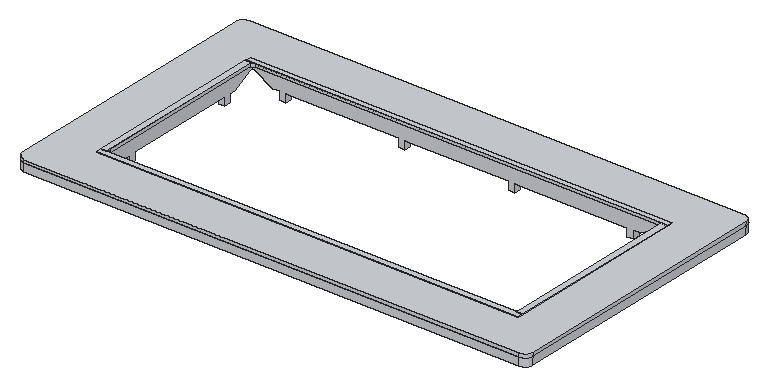
Revit family "Gira_1002255", category Electrical Fixtures, host Face, Revit 2017
Family settings
  Host = Face
  Maintain Annotation Orientation = No
  Round Connector Dimension = Use Diameter
  Part Type = Normal
  Cut with Voids When Loaded = No
  Shared = No
  Room Calculation Point = No
Parameters (values of type "Abdeckrahmen 2f o.M. flach Gira E2 F Alu")
  Werkstoffgüte = "Thermoplast"
  Werkstoff = "Kunststoff"
  URL = "http://katalog.gira.de/de_DE/datenblatt.html?artikelnr=1002255"
  Transparent = "No"
  Textfeld/Beschriftungsfläche = "No"
  Schutzart (IP) = "IP20"
  Region = "DE"
  Oberfläche = "sonstige"
  Name = "Abdeckrahmen 2f o.M. flach Gira E2 F Alu"
  Montagerichtung = "horizontal und vertikal"
  Mit Montagerahmen = "No"
  Mit Klappdeckel = "No"
  Manufacturer URL = "https://www.gira.de/"
  Keynote = "E2flach_Rahmen_2fach o.Mittelsteg"
  HeinzeBIM = "https://bimportal.heinze.de/bim/abdeckrahmen-2f-o-m-flach-gira-e2-f-alu/7ddeb6cf50e2b2649ffe1025d69d0527d1dc6083"
  Halogenfrei = "Yes"
  HAN = "1002255"
  Geeignet für Unterputz-Installation = "Yes"
  Geeignet für Unterflurkanaldose = "No"
  Geeignet für Geräteeinbaukanal = "No"
  Geeignet für Einbauinstallation = "No"
  GTIN = "4010337021353"
  Farbe = "aluminium"
  Default Elevation = 1219.2 mm
  Data sheet (1) = "https://katalog.gira.de/de_DE/download.html?artikelnr=1002255"
  Category = "Abdeckrahmen"
  Befestigungsart = "Klemmbefestigung"
  Available = "Yes"
  Anzahl der Einheiten vertikal = "2 "
  Anzahl der Einheiten horizontal = "2 "
  Anzahl der Einheiten = "2 "
Reference planes
  plane 1 "Center (Front/Back)": y = 0
  plane 2: z = 0
  plane 3 "Center (Left/Right)": x = 0
Forms (mm)
  Extrusion 1, solid, detail levels fine
    sketch origin (0, 0, 0) x (1, 0, 0) y (0, 1, 0)
      loop
        arc (-77, 43.9) -> (-78.768, 43.168) -> (-79.5, 41.4) r 2.5
        line (-79.5, 41.4) -> (-79.5, -41.4)
        arc (-79.5, -41.4) -> (-78.768, -43.168) -> (-77, -43.9) r 2.5
        line (-77, -43.9) -> (77, -43.9)
        arc (77, -43.9) -> (78.768, -43.168) -> (79.5, -41.4) r 2.5
        line (79.5, -41.4) -> (79.5, 41.4)
        arc (79.5, 41.4) -> (78.768, 43.168) -> (77, 43.9) r 2.5
        line (77, 43.9) -> (-77, 43.9)
      loop
        spline (-63.744, -27.245) -> (-63.736, -27.363) -> (-63.713, -27.478) -> (-63.675, -27.589) -> (-63.623, -27.695) -> (-63.558, -27.792) -> (-63.481, -27.881) -> (-63.392, -27.958) -> (-63.295, -28.023) -> (-63.189, -28.075) -> (-63.078, -28.113) -> (-62.963, -28.136) -> (-62.845, -28.144)
        line (-62.845, -28.144) -> (62.845, -28.144)
        spline (62.845, -28.144) -> (62.963, -28.136) -> (63.078, -28.113) -> (63.189, -28.075) -> (63.295, -28.023) -> (63.392, -27.958) -> (63.481, -27.881) -> (63.558, -27.792) -> (63.623, -27.695) -> (63.675, -27.589) -> (63.713, -27.478) -> (63.736, -27.363) -> (63.744, -27.245)
        line (63.744, -27.245) -> (63.744, 27.245)
        spline (63.744, 27.245) -> (63.736, 27.363) -> (63.713, 27.478) -> (63.675, 27.589) -> (63.623, 27.695) -> (63.558, 27.792) -> (63.481, 27.881) -> (63.392, 27.958) -> (63.295, 28.023) -> (63.189, 28.075) -> (63.078, 28.113) -> (62.963, 28.136) -> (62.845, 28.144)
        line (62.845, 28.144) -> (-62.845, 28.144)
        spline (-62.845, 28.144) -> (-62.963, 28.136) -> (-63.078, 28.113) -> (-63.189, 28.075) -> (-63.295, 28.023) -> (-63.392, 27.958) -> (-63.481, 27.881) -> (-63.558, 27.792) -> (-63.623, 27.695) -> (-63.675, 27.589) -> (-63.713, 27.478) -> (-63.736, 27.363) -> (-63.744, 27.245)
        line (-63.744, 27.245) -> (-63.744, -27.245)
    from 2.5 to 3.4
  Extrusion 2, solid, detail levels fine
    sketch origin (0, 0, 0) x (1, 0, 0) y (0, 1, 0)
      loop
        arc (-77, 43.9) -> (-78.768, 43.168) -> (-79.5, 41.4) r 2.5
        line (-79.5, 41.4) -> (-79.5, -41.4)
        arc (-79.5, -41.4) -> (-78.768, -43.168) -> (-77, -43.9) r 2.5
        line (-77, -43.9) -> (77, -43.9)
        arc (77, -43.9) -> (78.768, -43.168) -> (79.5, -41.4) r 2.5
        line (79.5, -41.4) -> (79.5, 41.4)
        arc (79.5, 41.4) -> (78.768, 43.168) -> (77, 43.9) r 2.5
        line (77, 43.9) -> (-77, 43.9)
      loop
        arc (-77, 43.4) -> (-78.414, 42.814) -> (-79, 41.4) r 2
        line (-79, 41.4) -> (-79, -41.4)
        arc (-79, -41.4) -> (-78.414, -42.814) -> (-77, -43.4) r 2
        line (-77, -43.4) -> (77, -43.4)
        arc (77, -43.4) -> (78.414, -42.814) -> (79, -41.4) r 2
        line (79, -41.4) -> (79, 41.4)
        arc (79, 41.4) -> (78.414, 42.814) -> (77, 43.4) r 2
        line (77, 43.4) -> (-77, 43.4)
    from 0 to 2.5
  Extrusion 3, solid, detail levels fine
    sketch origin (35.6, 0, 0) x (0, -1, 0) y (0, 0, -1)
      loop
        line (-17.5, 4.06) -> (-19.5, 4.06) -> (-19.5, 1.56) -> (-21.654, 1.56) -> (-27.214, -1.65) -> (-28.144, -1.65) -> (-28.144, -3.4) -> (28.144, -3.4) -> (28.144, -1.65) -> (27.214, -1.65) -> (21.654, 1.56) -> (19.5, 1.56) -> (19.5, 4.06) -> (17.5, 4.06) -> (17.5, 1.56) -> (-17.5, 1.56) -> (-17.5, 4.06)
    from 28.144 to 30
  Extrusion 4, solid, detail levels fine
    sketch origin (0, 0, 0) x (1, 0, 0) y (0, 0, -1)
      loop
        line (-53.1, 4.06) -> (-55.1, 4.06) -> (-55.1, 1.56) -> (-57.254, 1.56) -> (-62.814, -1.65) -> (-65.6, -1.65) -> (-65.6, -3.4) -> (65.6, -3.4) -> (65.6, -1.65) -> (62.814, -1.65) -> (57.254, 1.56) -> (55.1, 1.56) -> (55.1, 4.06) -> (53.1, 4.06) -> (53.1, 1.56) -> (18.1, 1.56) -> (18.1, 4.042) -> (16.1, 4.042) -> (16.1, 1.542) -> (-16.1, 1.542) -> (-16.1, 4.042) -> (-18.1, 4.042) -> (-18.1, 1.56) -> (-53.1, 1.56) -> (-53.1, 4.06)
    from 28.144 to 30
  Extrusion 5, solid, detail levels coarse
    sketch origin (0, 0, 0) x (1, 0, 0) y (0, 1, 0)
      loop
        line (-79.5, 43.9) -> (-79.5, -43.9) -> (79.5, -43.9) -> (79.5, 43.9) -> (-79.5, 43.9)
    from -4.06 to 3.4
  Extrusion 6, solid, detail levels medium
    sketch origin (0, 0, 0) x (1, 0, 0) y (0, 1, 0)
      loop
        line (-79.5, 43.9) -> (-79.5, -43.9) -> (79.5, -43.9) -> (79.5, 43.9) -> (-79.5, 43.9)
    from 0 to 3.4
  Extrusion 7, solid, detail levels medium
    sketch origin (0, 0, 0) x (1, 0, 0) y (0, 0, -1)
      loop
        line (-53.1, 4.06) -> (-55.1, 4.06) -> (-55.1, 1.56) -> (-65.6, 1.56) -> (-65.6, -3.4) -> (65.6, -3.4) -> (65.6, 1.56) -> (55.1, 1.56) -> (55.1, 4.06) -> (53.1, 4.06) -> (53.1, 1.56) -> (18.1, 1.56) -> (18.1, 4.06) -> (16.1, 4.06) -> (16.1, 1.542) -> (-16.1, 1.542) -> (-16.1, 4.06) -> (-18.1, 4.06) -> (-18.1, 1.56) -> (-53.1, 1.56) -> (-53.1, 4.06)
    from 28.144 to 30
  Extrusion 8, solid, detail levels medium
    sketch origin (35.6, 0, 0) x (0, -1, 0) y (0, 0, -1)
      loop
        line (-17.5, 4.06) -> (-19.5, 4.06) -> (-19.5, 1.56) -> (-28.144, 1.56) -> (-28.144, -3.4) -> (28.144, -3.4) -> (28.144, 1.56) -> (19.5, 1.56) -> (19.5, 4.06) -> (17.5, 4.06) -> (17.5, 1.56) -> (-17.5, 1.56) -> (-17.5, 4.06)
    from 28.144 to 30
  Extrusion 9, solid, detail levels fine
    sketch origin (0, 0, 0) x (1, 0, 0) y (0, 0, 1)
      loop
        line (-53.1, -4.06) -> (-53.1, -1.56) -> (-18.1, -1.56) -> (-18.1, -4.042) -> (-16.1, -4.042) -> (-16.1, -1.542) -> (16.1, -1.542) -> (16.1, -4.042) -> (18.1, -4.042) -> (18.1, -1.56) -> (53.1, -1.56) -> (53.1, -4.06) -> (55.1, -4.06) -> (55.1, -1.56) -> (57.254, -1.56) -> (62.814, 1.65) -> (65.6, 1.65) -> (65.6, 3.4) -> (-65.6, 3.4) -> (-65.6, 1.65) -> (-62.814, 1.65) -> (-57.254, -1.56) -> (-55.1, -1.56) -> (-55.1, -4.06) -> (-53.1, -4.06)
    from 28.144 to 30
  Extrusion 10, solid, detail levels medium
    sketch origin (0, 0, 0) x (1, 0, 0) y (0, 0, 1)
      loop
        line (-53.1, -4.06) -> (-53.1, -1.56) -> (-18.1, -1.56) -> (-18.1, -4.06) -> (-16.1, -4.06) -> (-16.1, -1.542) -> (16.1, -1.542) -> (16.1, -4.06) -> (18.1, -4.06) -> (18.1, -1.56) -> (53.1, -1.56) -> (53.1, -4.06) -> (55.1, -4.06) -> (55.1, -1.56) -> (65.6, -1.56) -> (65.6, 3.4) -> (-65.6, 3.4) -> (-65.6, -1.56) -> (-55.1, -1.56) -> (-55.1, -4.06) -> (-53.1, -4.06)
    from 28.144 to 30
  Extrusion 11, solid, detail levels fine
    sketch origin (-35.6, 0, 0) x (0, -1, 0) y (0, 0, 1)
      loop
        line (-17.5, -4.06) -> (-17.5, -1.56) -> (17.5, -1.56) -> (17.5, -4.06) -> (19.5, -4.06) -> (19.5, -1.56) -> (21.654, -1.56) -> (27.214, 1.65) -> (28.144, 1.65) -> (28.144, 3.4) -> (-28.144, 3.4) -> (-28.144, 1.65) -> (-27.214, 1.65) -> (-21.654, -1.56) -> (-19.5, -1.56) -> (-19.5, -4.06) -> (-17.5, -4.06)
    from 28.144 to 30
  Extrusion 12, solid, detail levels medium
    sketch origin (-35.6, 0, 0) x (0, -1, 0) y (0, 0, 1)
      loop
        line (-17.5, -4.06) -> (-17.5, -1.56) -> (17.5, -1.56) -> (17.5, -4.06) -> (19.5, -4.06) -> (19.5, -1.56) -> (28.144, -1.56) -> (28.144, 3.4) -> (-28.144, 3.4) -> (-28.144, -1.56) -> (-19.5, -1.56) -> (-19.5, -4.06) -> (-17.5, -4.06)
    from 28.144 to 30
Dimensions and locks
  aligned and locked: plane 2 to host face
  aligned and locked: level to host face
